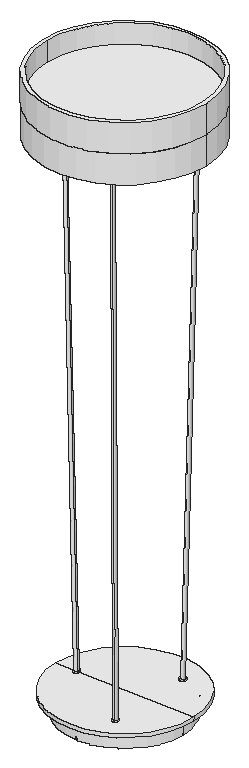
Revit family "DEEP FOCUS ROUND LIGHT", category Lighting Fixtures, host Face, Revit 2020 (continued)
Types (13): name | Wattage Comments | Wattage | Surface Mount | Photometric Web File | Order number | built-in parameter 1150142 | Model | built-in parameter 1150105 | Lumens | built-in parameter 1150106 | Fixture Diameter | Finish/Color | D2 | D1 | Apparent Load | Aircraft Cable Pendant Mount
  DFRID24-80-40901-ACPMK | "80 W" | 45.7783 W | no | "DFRID24_80_XX901.IES" | "16826" | "IESNA:LM-63-2002\r\n[TEST] \r\n[DATE] 2022-08-05\r\n[MANUFAC] Aboveall lighting\r\n[LUMCAT] \r\n[LUMINAIRE] DFRID24-80-30901\r\n[LAMPCAT] \r\n[LAMP] SAMSUNG 2835 3000K\r\nTILT=NONE\r\n1 7200.7 1.48 181 9 1 2 0.6 0.6 0.115 \r\n1 1 81.99\r\n0. 1. 2. 3. 4. 5. 6. 7. 8. 9. 10. 11. 12. 13. 14. 15. 16. 17. 18. 19. 20. 21. 22. 23. 24. 25. 26. 27. 28. 29. 30. 31. 32. 33. 34. 35. 36. 37. 38. 39. 40. 41. 42. 43. 44. 45. 46. 47. 48. 49. 50. 51. 52. 53. 54. 55. 56. 57. 58. 59. 60. 61. 62. 63. 64. 65. 66. 67. 68. 69. 70. 71. 72. 73. 74. 75. 76. 77. 78. 79. 80. 81. 82. 83. 84. 85. 86. 87. 88. 89. 90. 91. 92. 93. 94. 95. 96. 97. 98. 99. 100. 101. 102. 103. 104. 105. 106. 107. 108. 109. 110. 111. 112. 113. 114. 115. 116. 117. 118. 119. 120. 121. 122. 123. 124. 125. 126. 127. 128. 129. 130. 131. 132. 133. 134. 135. 136. 137. 138. 139. 140. 141. 142. 143. 144. 145. 146. 147. 148. 149. 150. 151. 152. 153. 154. 155. 156. 157. 158. 159. 160. 161. 162. 163. 164. 165. 166. 167. 168. 169. 170. 171. 172. 173. 174. 175. 176. 177. 178. 179. 180. \r\n0. 45. 90. 135. 180. 225. 270. 315. 360. \r\n1205.18 1206.517 1204.393 1202.977 1199.791 1197.312 1193.064 1186.692 1183.859 1176.779 1168.99 1164.742 1155.184 1144.209 1138.544 1125.445 1111.992 1104.912 1090.397 1082.962 1067.385 1050.746 1042.604 1023.486 1014.636 897.807 897.807 897.807 897.807 897.807 897.807 897.807 887.541 865.945 854.97 832.667 820.984 798.68 776.377 753.011 740.974 717.255 704.156 680.082 656.008 643.971 618.836 593.7 581.309 556.527 531.037 518.293 493.157 480.412 454.922 429.432 403.942 390.844 365.0 337.952 325.172 312.816 287.645 275.254 250.65 238.507 214.433 191.138 179.809 157.435 146.602 125.148 104.862 77.354 76.222 58.768 50.661 35.084 21.312 15.435 9.948 9.311 9.098 8.674 8.709 12.78 47.9 66.982 83.833 100.295 106.668 120.687 128.122 143.663 159.382 167.064 181.898 190.359 205.653 214.539 229.975 245.091 252.809 267.572 267.076 281.131 295.257 300.319 308.604 308.214 308.32 308.108 309.666 310.834 311.825 315.153 318.162 322.269 324.11 328.995 336.395 339.545 342.271 340.961 344.927 348.077 354.379 374.204 380.577 395.092 411.377 407.483 396.508 416.333 421.998 426.954 437.929 450.674 456.338 453.152 450.674 445.717 438.991 435.805 434.743 432.619 431.202 431.91 434.389 437.575 438.283 436.867 437.929 446.78 450.674 452.09 455.984 456.338 453.86 454.568 460.232 459.878 458.462 454.568 455.276 460.587 465.897 468.729 471.915 472.623 466.251 454.922 449.258 453.506 470.145 474.393 480.058 482.89 483.952 482.182 477.934 \r\n1205.18 1201.915 1201.915 1199.791 1197.667 1196.604 1192.71 1188.108 1185.63 1179.965 1176.425 1169.344 1161.202 1156.6 1146.333 1141.022 1122.967 1122.967 1110.222 1096.061 1087.919 1073.05 1064.907 1048.976 1032.337 1023.486 899.223 899.223 899.223 899.223 899.223 899.223 899.223 899.223 877.982 856.74 846.12 823.462 801.513 775.315 766.464 754.781 731.77 708.404 698.137 673.001 660.611 636.537 612.109 599.718 574.937 562.192 537.41 512.628 499.883 462.003 462.003 435.451 409.961 397.216 372.08 358.981 334.129 309.028 296.673 260.279 248.278 236.489 213.194 190.43 179.172 157.293 136.052 125.714 105.039 77.531 74.097 56.219 47.687 32.039 25.348 13.949 10.869 10.55 10.019 9.806 9.452 15.896 46.696 59.264 83.267 106.774 114.067 130.281 147.699 164.126 172.375 189.262 197.794 214.752 231.355 239.604 255.818 271.254 266.581 241.197 221.974 210.574 203.175 201.653 202.538 204.272 205.653 208.06 211.07 235.745 271.643 294.089 328.854 343.121 362.876 370.31 383.763 395.8 401.464 412.439 417.395 427.662 437.929 442.885 453.152 463.773 468.375 478.288 487.138 491.741 500.591 507.672 511.566 519.001 525.373 528.913 536.348 539.534 545.552 545.552 549.447 556.173 559.005 561.13 562.546 572.104 577.769 579.539 582.371 582.371 583.433 586.619 590.16 590.514 590.16 589.098 589.098 588.744 588.035 588.744 589.452 590.514 591.222 590.16 585.911 578.123 573.52 589.098 645.742 685.392 689.287 679.02 672.293 662.381 664.151 \r\n1205.18 1203.331 1203.331 1202.977 1200.853 1199.791 1197.312 1196.25 1192.356 1188.108 1185.63 1179.257 1176.425 1168.99 1164.742 1155.538 1145.625 1139.606 1127.924 1121.905 1108.098 1094.291 1086.857 1071.634 1063.845 1048.268 1030.921 1022.07 1004.015 1004.015 1004.015 1004.015 1004.015 1004.015 1004.015 886.479 876.212 854.262 843.287 820.63 798.68 787.352 775.669 752.303 728.937 705.572 693.181 681.144 657.07 632.289 607.153 594.762 569.98 557.589 531.037 519.001 493.865 468.021 466.605 431.556 406.421 393.676 368.186 343.333 330.695 305.984 281.414 269.342 257.376 222.08 210.574 188.129 175.88 154.284 132.866 122.67 102.561 102.561 74.097 56.078 47.723 46.625 25.384 14.515 12.568 11.789 11.116 10.833 10.479 10.939 29.172 56.361 56.361 76.151 105.145 115.625 134.388 151.31 159.453 174.782 190.465 198.219 213.619 229.373 229.373 253.057 260.916 276.033 290.69 296.461 307.577 311.861 316.392 316.534 317.914 320.605 322.092 325.668 327.792 332.146 337.138 340.147 346.166 349.033 354.379 359.689 362.522 367.832 374.204 377.391 387.657 404.651 410.315 424.122 431.91 446.78 460.941 482.182 494.927 517.585 525.019 527.851 528.205 526.081 523.957 522.541 521.479 521.125 522.895 528.913 531.746 536.702 537.056 538.472 542.012 548.739 550.155 551.217 549.447 546.615 548.031 549.801 549.801 547.677 543.782 541.658 539.888 538.118 542.012 544.136 546.969 548.385 549.447 540.596 534.578 519.001 509.442 495.989 483.598 480.412 476.872 \r\n1205.18 1205.809 1205.101 1204.039 1201.915 1200.499 1196.958 1193.064 1190.586 1184.922 1178.549 1175.363 1167.574 1158.724 1154.122 1143.147 1131.464 1125.091 1111.638 1104.558 1090.397 1075.528 1058.181 1050.392 1042.249 1024.548 1015.698 997.288 889.311 889.311 889.311 889.311 889.311 889.311 889.311 867.715 857.448 835.145 813.195 801.513 775.315 755.135 743.452 720.441 696.721 685.038 660.611 636.183 624.146 599.364 574.583 561.838 536.702 523.957 498.821 486.076 460.587 435.451 422.706 395.446 382.701 356.857 331.544 318.835 293.805 281.45 256.987 233.055 221.372 198.254 186.89 164.622 143.38 132.476 111.553 76.788 76.788 62.202 46.306 37.562 23.826 13.736 12.674 11.895 11.506 11.01 10.479 12.462 47.935 51.404 100.189 106.526 115.306 131.874 139.592 163.453 171.029 179.526 197.829 215.353 223.921 232.276 260.492 260.492 266.758 253.234 234.931 227.673 213.123 209.937 210.432 212.026 214.539 216.345 220.027 228.346 235.108 253.199 265.059 283.857 295.363 300.036 308.427 312.285 319.472 327.119 330.801 337.634 341.032 348.077 351.795 358.981 365.708 368.54 374.204 377.391 383.055 387.657 392.968 398.278 401.11 404.297 410.315 415.625 418.103 423.06 420.936 418.103 414.563 415.625 417.041 418.812 417.749 418.812 421.644 426.246 426.6 426.246 421.998 419.52 418.812 418.458 418.103 416.333 414.917 412.439 409.253 407.483 402.526 398.986 390.844 380.223 373.142 360.397 406.775 427.662 442.885 447.488 444.655 439.699 436.159 \r\n1205.18 1208.287 1208.287 1208.287 1207.579 1205.809 1205.809 1202.269 1200.499 1196.25 1191.294 1188.462 1185.63 1179.257 1171.469 1166.512 1156.954 1146.687 1141.022 1128.986 1115.887 1115.887 1094.645 1080.13 1072.342 1056.411 1039.063 1030.567 1013.22 1004.015 1004.015 1004.015 1004.015 1004.015 1004.015 905.95 885.416 874.442 852.492 830.897 818.86 796.556 785.227 762.216 749.825 726.459 702.74 690.349 666.275 653.884 629.102 603.967 590.868 564.316 539.534 526.789 501.299 488.554 465.897 438.637 412.793 399.694 373.496 348.077 335.085 309.701 296.815 271.573 259.075 234.294 209.866 196.59 173.862 162.356 140.017 118.492 108.048 88.258 78.841 60.397 51.829 46.66 22.127 16.25 11.081 10.196 9.771 8.957 8.284 11.081 30.8 60.22 73.602 76.611 104.473 110.208 124.015 131.804 145.433 161.329 168.622 179.384 187.846 206.892 215.566 219.708 228.275 233.161 242.826 247.145 255.571 263.642 267.36 273.307 275.573 278.157 280.99 282.193 285.273 288.92 290.973 294.867 298.903 300.78 303.612 305.205 307.117 311.082 315.472 317.773 322.057 323.791 325.809 332.252 343.9 354.379 359.335 368.186 370.31 374.204 380.931 383.763 390.136 396.154 393.322 391.906 391.198 385.179 381.639 375.621 369.956 367.832 367.832 371.018 371.372 371.372 371.726 377.745 383.763 389.427 392.614 392.26 393.676 393.322 390.136 390.136 388.719 388.011 390.136 391.906 392.614 392.968 392.968 389.427 378.099 372.08 369.248 428.724 447.488 464.127 474.747 \r\n1205.18 1202.623 1202.269 1200.499 1200.145 1197.312 1194.126 1189.524 1187.4 1184.213 1184.213 1171.823 1163.68 1159.078 1149.873 1144.209 1132.88 1126.861 1113.409 1099.602 1092.875 1078.006 1070.218 1054.286 1037.647 1029.505 1011.803 1002.953 1002.953 1002.953 1002.953 1002.953 1002.953 1002.953 885.416 863.113 853.554 830.189 807.885 796.556 773.899 750.533 739.204 727.167 703.802 679.728 667.337 643.263 630.518 606.091 580.601 568.21 543.074 518.293 503.778 478.288 466.959 441.823 428.37 402.88 376.683 363.584 338.165 312.816 300.072 275.254 250.508 238.471 214.468 202.502 179.207 156.798 135.061 124.404 101.959 101.959 72.292 53.847 47.298 29.49 22.622 16.533 9.984 9.346 8.815 8.709 8.355 9.028 20.604 41.067 57.21 68.433 70.663 77.496 87.515 87.515 100.862 106.809 109.04 114.138 119.448 122.316 126.139 124.511 117.784 116.757 116.687 115.094 109.925 108.261 108.225 109.783 109.783 111.695 111.695 113.854 114.739 123.272 136.724 146.956 158.603 186.359 212.911 234.4 243.463 257.801 265.979 280.069 290.265 295.752 305.311 314.445 318.799 326.942 333.916 337.704 343.546 350.556 354.025 355.441 354.379 356.503 365.0 365.0 381.639 386.241 395.8 398.278 399.694 408.899 413.855 419.874 439.345 447.134 464.127 472.623 492.803 511.212 523.957 539.888 548.739 561.13 565.378 567.502 571.042 571.75 571.75 571.042 568.918 567.502 562.546 557.943 555.111 543.782 543.782 554.049 663.797 685.392 678.312 667.337 666.275 \r\n1205.18 1201.561 1199.437 1197.667 1194.48 1190.586 1188.108 1182.443 1179.257 1172.885 1165.096 1160.494 1151.289 1145.979 1134.65 1122.613 1115.887 1102.788 1095.353 1081.192 1073.404 1057.119 1040.479 1031.629 1014.636 1005.431 899.931 899.931 899.931 899.931 899.931 899.931 889.311 879.044 857.448 835.499 824.524 801.867 775.669 768.234 743.806 719.733 708.05 683.976 659.903 647.866 623.438 610.693 585.911 573.52 548.385 523.249 510.504 472.269 472.269 434.743 422.352 409.607 383.409 368.894 343.44 318.268 305.382 280.494 255.854 243.675 219.531 207.813 173.083 161.754 150.425 128.546 107.27 76.788 76.788 58.343 48.608 33.951 26.941 15.294 12.178 11.789 11.293 11.116 13.63 16.144 47.192 51.369 71.053 104.19 104.19 109.819 121.643 130.317 145.717 160.834 169.755 187.81 196.236 213.088 229.16 237.303 251.358 256.916 260.421 264.882 268.776 273.449 281.485 290.442 295.115 304.001 307.046 312.215 317.914 320.109 324.783 327.154 332.394 337.35 340.006 345.281 348.219 354.379 357.919 363.938 368.894 370.664 375.266 378.453 385.533 397.924 405.713 419.874 434.743 442.885 459.17 474.039 483.598 493.511 476.518 457.754 424.476 405.359 398.278 386.595 380.931 371.018 367.832 367.124 367.478 367.124 366.416 368.894 381.285 388.719 391.552 391.906 389.427 389.073 391.198 390.844 385.179 382.347 380.223 379.515 377.745 372.788 368.894 362.168 354.733 343.723 339.262 329.031 403.234 417.749 434.743 445.009 453.86 464.127 471.915 \r\n1205.18 1205.455 1204.747 1201.915 1201.207 1198.374 1196.958 1192.71 1190.232 1184.922 1177.841 1175.009 1165.804 1162.264 1152.351 1141.022 1135.358 1122.967 1116.595 1102.434 1088.273 1080.484 1065.261 1048.976 1040.479 1023.486 1005.431 1005.431 1005.431 1005.431 1005.431 1005.431 1005.431 897.807 875.858 875.858 843.287 831.959 809.655 786.998 775.669 753.011 740.974 717.963 693.889 682.206 658.132 645.742 620.96 608.569 584.141 559.005 545.906 519.709 494.219 481.828 467.313 467.313 418.812 393.322 367.124 354.733 329.279 304.249 291.646 267.218 255.04 242.826 207.671 196.13 173.508 162.568 139.627 118.669 108.261 87.763 78.027 59.795 51.05 46.767 21.171 15.435 10.55 10.09 9.488 10.771 12.055 15.081 42.943 56.644 77.213 117.642 121.041 135.733 151.204 159.453 173.401 181.119 195.811 211.105 221.867 241.728 260.315 268.74 276.317 277.202 256.951 246.26 226.647 215.424 213.088 214.256 214.716 216.168 217.725 221.336 224.877 227.603 237.268 258.509 272.139 289.982 302.656 308.462 321.278 332.217 337.173 345.635 351.83 355.087 361.814 367.832 370.31 375.266 377.391 381.993 384.471 390.136 392.614 398.278 403.234 405.713 410.669 412.793 415.625 414.917 415.979 412.439 410.315 407.837 407.837 408.899 411.731 411.731 410.315 411.023 414.917 414.563 413.501 408.545 406.421 405.005 405.005 405.005 400.048 399.34 397.57 396.862 395.092 384.825 382.347 373.142 368.186 359.335 344.643 374.912 438.991 453.152 445.717 437.221 436.867 \r\n1205.18 1206.517 1204.393 1202.977 1199.791 1197.312 1193.064 1186.692 1183.859 1176.779 1168.99 1164.742 1155.184 1144.209 1138.544 1125.445 1111.992 1104.912 1090.397 1082.962 1067.385 1050.746 1042.604 1023.486 1014.636 897.807 897.807 897.807 897.807 897.807 897.807 897.807 887.541 865.945 854.97 832.667 820.984 798.68 776.377 753.011 740.974 717.255 704.156 680.082 656.008 643.971 618.836 593.7 581.309 556.527 531.037 518.293 493.157 480.412 454.922 429.432 403.942 390.844 365.0 337.952 325.172 312.816 287.645 275.254 250.65 238.507 214.433 191.138 179.809 157.435 146.602 125.148 104.862 77.354 76.222 58.768 50.661 35.084 21.312 15.435 9.948 9.311 9.098 8.674 8.709 12.78 47.9 66.982 83.833 100.295 106.668 120.687 128.122 143.663 159.382 167.064 181.898 190.359 205.653 214.539 229.975 245.091 252.809 267.572 267.076 281.131 295.257 300.319 308.604 308.214 308.32 308.108 309.666 310.834 311.825 315.153 318.162 322.269 324.11 328.995 336.395 339.545 342.271 340.961 344.927 348.077 354.379 374.204 380.577 395.092 411.377 407.483 396.508 416.333 421.998 426.954 437.929 450.674 456.338 453.152 450.674 445.717 438.991 435.805 434.743 432.619 431.202 431.91 434.389 437.575 438.283 436.867 437.929 446.78 450.674 452.09 455.984 456.338 453.86 454.568 460.232 459.878 458.462 454.568 455.276 460.587 465.897 468.729 471.915 472.623 466.251 454.922 449.258 453.506 470.145 474.393 480.058 482.89 483.952 482.182 477.934 \r\n" | "DFRID24-80-40901-ACPMK" | 541.13 (stored number, unit not read) | 6800 lm | 5.4113 (stored number, unit not read) | 1' - 11 77/128" | White-PMMA Aluminum | 0' - 10 77/256" | 0' - 11 205/256" | 100 VA | yes
